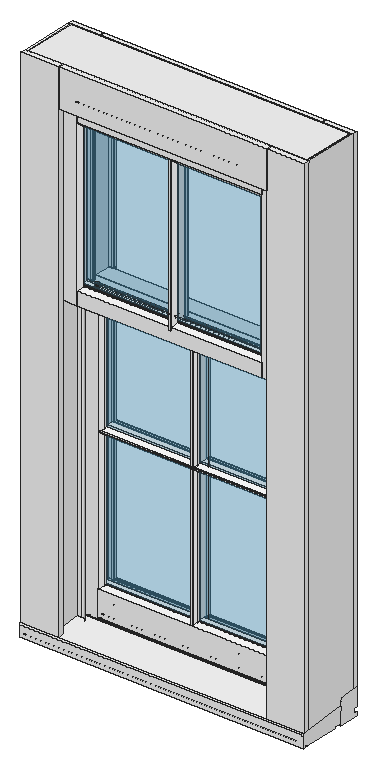
Revit family "B1-24", category Generic Models, Revit 2012 (continued)
Automatic sketch dimensions
  Extrusion 45 sketch curve to Extrusion 45 sketch curve = 1.649 mm
  Extrusion 45 sketch curve to Extrusion 45 sketch curve = 0.306 mm
  Extrusion 45 sketch curve to Extrusion 45 sketch curve = 2.482 mm
  Extrusion 45 sketch curve to Extrusion 45 sketch curve = 0.865 mm
  Extrusion 45 sketch curve to Extrusion 45 sketch curve = 0.036 mm
  Extrusion 45 sketch curve to Extrusion 45 sketch curve = 0.077 mm
  Extrusion 45 sketch curve to Extrusion 45 sketch curve = 1.035 mm
  Extrusion 45 sketch curve to Extrusion 45 sketch curve = 0.774 mm
  Extrusion 45 sketch curve to Extrusion 45 sketch curve = 0.368 mm
  Extrusion 45 sketch curve to Extrusion 45 sketch curve = 0.557 mm
  Extrusion 45 sketch curve to Extrusion 45 sketch curve = 0.18 mm
  Extrusion 45 sketch curve to Extrusion 45 sketch curve = 0.155 mm
  Extrusion 45 sketch curve to Extrusion 45 sketch curve = 0.228 mm
  Extrusion 46 sketch curve to plane 8 = 51.01 mm
  Extrusion 46 sketch curve to Extrusion 46 sketch curve = 0.402 mm
  Extrusion 46 sketch curve to Extrusion 46 sketch curve = 0.389 mm
  Extrusion 46 sketch curve to Extrusion 46 sketch curve = 3.47 mm
  Extrusion 46 sketch curve to Extrusion 46 sketch curve = 0.129 mm  (x2)
  Extrusion 46 sketch curve to Extrusion 46 sketch curve = 0.752 mm
  Extrusion 46 sketch curve to Extrusion 46 sketch curve = 0.163 mm
  Extrusion 46 sketch curve to Extrusion 46 sketch curve = 0.848 mm
  Extrusion 46 sketch curve to Extrusion 46 sketch curve = 0.092 mm
  Extrusion 46 sketch curve to Extrusion 46 sketch curve = 0.227 mm
  Extrusion 46 sketch curve to Extrusion 46 sketch curve = 0.4 mm
  Extrusion 46 sketch curve to Extrusion 46 sketch curve = 0.019 mm
  Extrusion 46 sketch curve to Extrusion 46 sketch curve = 0.794 mm
  Extrusion 46 sketch curve to Extrusion 46 sketch curve = 0.616 mm
  Extrusion 46 sketch curve to Extrusion 46 sketch curve = 0.767 mm
  Extrusion 46 sketch curve to Extrusion 46 sketch curve = 0.79 mm
  Extrusion 46 sketch curve to Extrusion 46 sketch curve = 0.784 mm
  Extrusion 46 sketch curve to Extrusion 46 sketch curve = 0.331 mm  (x2)
  Extrusion 46 sketch curve to plane 1 "Center (Front/Back)" = 42.945 mm
  Extrusion 46 sketch curve to Extrusion 46 sketch curve = 0.032 mm
  Extrusion 46 sketch curve to Extrusion 46 sketch curve = 0.011 mm
  Extrusion 46 sketch curve to Extrusion 46 sketch curve = 0.735 mm
  Extrusion 46 sketch curve to Extrusion 46 sketch curve = 0.552 mm
  Extrusion 46 sketch curve to Extrusion 46 sketch curve = 0.545 mm
  Extrusion 46 sketch curve to Extrusion 46 sketch curve = 0.126 mm
  Extrusion 46 sketch curve to Extrusion 46 sketch curve = 3.982 mm
  Extrusion 46 sketch curve to Extrusion 46 sketch curve = 3.772 mm
  Extrusion 46 sketch curve to Extrusion 46 sketch curve = 0.731 mm
  Extrusion 46 sketch curve to Extrusion 46 sketch curve = 0.088 mm
  Extrusion 46 sketch curve to Extrusion 46 sketch curve = 0.31 mm
  Extrusion 46 sketch curve to Extrusion 46 sketch curve = 0.222 mm
  Extrusion 46 sketch curve to Extrusion 46 sketch curve = 1.707 mm
  plane 7 to Extrusion 50 sketch curve = 16.974 mm
  Extrusion 50 sketch curve to plane 8 = 43.939 mm
  Extrusion 50 sketch curve to Extrusion 50 sketch curve = 5.328 mm
  Extrusion 50 sketch curve to Extrusion 50 sketch curve = 1.303 mm
  Extrusion 51 sketch curve to plane 8 = 43.976 mm
  plane 7 to Extrusion 51 sketch curve = 18.277 mm
  Extrusion 51 sketch curve to Extrusion 51 sketch curve = 2.083 mm
  Extrusion 51 sketch curve to Extrusion 51 sketch curve = 1.235 mm
  Extrusion 51 sketch curve to Extrusion 51 sketch curve = 2.363 mm
  Extrusion 51 sketch curve to Extrusion 51 sketch curve = 4.662 mm
  plane 1 "Center (Front/Back)" to Extrusion 52 sketch curve = 2.034 mm
  Extrusion 52 sketch curve to plane 8 = 42.228 mm
  Extrusion 52 sketch curve to Extrusion 52 sketch curve = 1.26 mm
  Extrusion 52 sketch curve to Extrusion 52 sketch curve = 3.11 mm
  Extrusion 52 sketch curve to Extrusion 52 sketch curve = 0.958 mm
  Extrusion 52 sketch curve to Extrusion 52 sketch curve = 1.305 mm
  Extrusion 53 sketch curve to plane 1 "Center (Front/Back)" = 2.628 mm
  Extrusion 53 sketch curve to plane 8 = 42.114 mm
  plane 1 "Center (Front/Back)" to Extrusion 53 sketch curve = 2.034 mm
  Extrusion 53 sketch curve to Extrusion 53 sketch curve = 2.083 mm
  Extrusion 53 sketch curve to Extrusion 53 sketch curve = 1.235 mm
  Extrusion 53 sketch curve to Extrusion 53 sketch curve = 2.363 mm
  plane 1 "Center (Front/Back)" to Extrusion 54 sketch curve = 1.25 mm  (x2)
  Extrusion 54 sketch curve to plane 8 = 42.921 mm
  Extrusion 54 sketch curve to Extrusion 54 sketch curve = 0.693 mm
  Extrusion 54 sketch curve to Extrusion 54 sketch curve = 0.8 mm  (x2)
  Extrusion 54 sketch curve to Extrusion 54 sketch curve = 1.557 mm
  Extrusion 54 sketch curve to Extrusion 54 sketch curve = 2.435 mm
  Extrusion 54 sketch curve to Extrusion 54 sketch curve = 0.536 mm
  Extrusion 54 sketch curve to Extrusion 54 sketch curve = 0.979 mm
  Extrusion 54 sketch curve to Extrusion 54 sketch curve = 0.786 mm  (x2)
  Extrusion 54 sketch curve to Extrusion 54 sketch curve = 1.303 mm
  Extrusion 54 sketch curve to Extrusion 54 sketch curve = 0.911 mm  (x2)
  Extrusion 54 sketch curve to Extrusion 54 sketch curve = 4 mm
  plane 7 to Extrusion 55 sketch curve = 0 mm
  Extrusion 55 sketch curve to plane 21 = 0 mm
  plane 17 to Extrusion 55 sketch curve = 0.079 mm
  Extrusion 55 sketch curve to Extrusion 55 sketch curve = 15 mm
  Extrusion 56 sketch curve to plane 4 = 0 mm
  Extrusion 56 sketch curve to plane 6 = 0 mm
  Extrusion 56 sketch curve to plane 12 = 0 mm
  Extrusion 56 sketch curve to plane 15 = 0 mm  (x2)
  plane 1 "Center (Front/Back)" to Extrusion 56 sketch curve = 8.25 mm
  Extrusion 56 sketch curve to Extrusion 56 sketch curve = 1.712 mm
  Extrusion 56 sketch curve to Extrusion 56 sketch curve = 0 mm  (x8)
  plane 1 "Center (Front/Back)" to Extrusion 56 sketch curve = 6.25 mm  (x2)
  Extrusion 56 sketch curve to Extrusion 56 sketch curve = 0.836 mm
  Extrusion 56 sketch curve to Extrusion 56 sketch curve = 0.634 mm
  Extrusion 56 sketch curve to Extrusion 56 sketch curve = 0.996 mm  (x6)
  Extrusion 56 sketch curve to Extrusion 56 sketch curve = 0.819 mm
  Extrusion 56 sketch curve to Extrusion 56 sketch curve = 0.456 mm
  plane 1 "Center (Front/Back)" to Extrusion 56 sketch curve = 1.25 mm  (x3)
  plane 15 to Extrusion 56 sketch curve = 7 mm
  Extrusion 56 sketch curve to plane 1 "Center (Front/Back)" = 61.75 mm
  Extrusion 56 sketch curve to Extrusion 56 sketch curve = 4 mm
  plane 12 to Extrusion 56 sketch curve = 4 mm
  plane 12 to Extrusion 56 sketch curve = 5 mm
  Extrusion 56 sketch curve to Extrusion 56 sketch curve = 2.25 mm
  Extrusion 56 sketch curve to Extrusion 56 sketch curve = 0.254 mm
  Extrusion 56 sketch curve to Extrusion 56 sketch curve = 0.508 mm  (x3)
  Extrusion 56 sketch curve to plane 13 = 2 mm
  Extrusion 56 sketch curve to Extrusion 56 sketch curve = 9 mm
  Extrusion 56 sketch curve to Extrusion 56 sketch curve = 8 mm
  Extrusion 56 sketch curve to plane 4 = 6 mm
  plane 6 to Extrusion 57 sketch curve = 0 mm
  plane 17 to Extrusion 57 sketch curve = 0.079 mm
  plane 1 "Center (Front/Back)" to Extrusion 57 sketch curve = 6.25 mm
  plane 21 to Extrusion 57 sketch curve = 18.079 mm
  plane 7 to Extrusion 58 sketch curve = 0 mm
  plane 5 to Extrusion 58 sketch curve = 0.079 mm
  Extrusion 58 sketch curve to plane 8 = 48.921 mm
  plane 7 to Extrusion 58 sketch curve = 15 mm
  Extrusion 59 sketch curve to plane 6 = 0 mm
  plane 5 to Extrusion 59 sketch curve = 0.079 mm
  plane 1 "Center (Front/Back)" to Extrusion 59 sketch curve = 6.25 mm
  Extrusion 59 sketch curve to plane 8 = 30.921 mm
  Extrusion 60 sketch curve to plane 4 = 0 mm
  Extrusion 60 sketch curve to plane 16 = 0 mm
  plane 1 "Center (Front/Back)" to Extrusion 60 sketch curve = 6.25 mm
  Extrusion 60 sketch curve to plane 16 = 4.175 mm
  plane 7 to Extrusion 60 sketch curve = 54.25 mm
  plane 7 to Extrusion 60 sketch curve = 20.25 mm
  plane 7 to Extrusion 60 sketch curve = 15 mm
  Extrusion 60 sketch curve to Extrusion 60 sketch curve = 4.913 mm  (x2)
  Extrusion 60 sketch curve to Extrusion 60 sketch curve = 3 mm
  plane 14 to Extrusion 60 sketch curve = 2.138 mm
  Extrusion 61 sketch curve to plane 4 = 0 mm
  plane 1 "Center (Front/Back)" to Extrusion 61 sketch curve = 6.25 mm
  Extrusion 61 sketch curve to plane 4 = 6 mm
  plane 7 to Extrusion 61 sketch curve = 15 mm
  Sweep 62 sketch curve to plane 16 = 0 mm
  Sweep 62 sketch curve to plane 8 = 48.921 mm
  profile plane to Sweep 62 sketch curve = 0 mm
  Sweep 62 sketch curve to Sweep 62 sketch curve = 3 mm
  Sweep 62 sketch curve to Sweep 62 sketch curve = 6 mm
  Sweep 62 sketch curve to profile plane = 176.75 mm
  Sweep 62 sketch curve to Sweep 62 sketch curve = 14 mm
  Extrusion 63 sketch curve to plane 15 = 0 mm
  Extrusion 63 sketch curve to plane 4 = 0 mm
  Extrusion 63 sketch curve to plane 7 = 0 mm
  plane 7 to Extrusion 63 sketch curve = 15 mm  (x2)
  Extrusion 63 sketch curve to Extrusion 63 sketch curve = 5 mm  (x2)
  plane 15 to Extrusion 63 sketch curve = 9 mm
  Extrusion 63 sketch curve to Extrusion 63 sketch curve = 8 mm
  Extrusion 63 sketch curve to plane 4 = 6 mm
  plane 7 to Extrusion 64 sketch curve = 20 mm
  plane 5 to Extrusion 64 sketch curve = 56.079 mm
  Extrusion 64 sketch curve to Extrusion 64 sketch curve = 9 mm  (x3)
  plane 1 "Center (Front/Back)" to Extrusion 64 sketch curve = 1.25 mm  (x2)
  Extrusion 64 sketch curve to Extrusion 64 sketch curve = 8 mm  (x2)
  plane 1 "Center (Front/Back)" to Extrusion 64 sketch curve = 6.25 mm
  Extrusion 64 sketch curve to Extrusion 64 sketch curve = 0 mm
  Extrusion 64 sketch curve to Extrusion 64 sketch curve = 5 mm
  Extrusion 65 sketch curve to plane 8 = 4.922 mm
  plane 8 to Extrusion 65 sketch curve = 0.078 mm
  plane 8 to Extrusion 65 sketch curve = 7.078 mm
  Extrusion 65 sketch curve to Extrusion 65 sketch curve = 1 mm  (x2)
  Extrusion 65 sketch curve to Extrusion 65 sketch curve = 3 mm  (x3)
  plane 7 to Extrusion 65 sketch curve = 43.25 mm
  Extrusion 65 sketch curve to Extrusion 65 sketch curve = 4 mm
  Extrusion 66 sketch curve to plane 8 = 44.922 mm
  Extrusion 66 sketch curve to Extrusion 66 sketch curve = 0 mm  (x2)
  Extrusion 66 sketch curve to Extrusion 66 sketch curve = 3 mm  (x3)
  Extrusion 66 sketch curve to Extrusion 66 sketch curve = 6 mm  (x2)
  Extrusion 66 sketch curve to plane 8 = 4.922 mm
  Extrusion 66 sketch curve to plane 1 "Center (Front/Back)" = 71.5 mm
  Extrusion 66 sketch curve to Extrusion 66 sketch curve = 5 mm
  Extrusion 66 sketch curve to Extrusion 66 sketch curve = 13 mm
  Extrusion 66 sketch curve to Extrusion 66 sketch curve = 12 mm
  Extrusion 66 sketch curve to Extrusion 66 sketch curve = 21 mm
  plane 7 to Extrusion 67 sketch curve = 42.039 mm
  Extrusion 67 sketch curve to plane 11 = 342.285 mm
  plane 7 to Extrusion 67 sketch curve = 71.128 mm
  Extrusion 67 sketch curve to Extrusion 67 sketch curve = 0 mm  (x2)
  Extrusion 67 sketch curve to Extrusion 67 sketch curve = 2 mm  (x5)
  Extrusion 67 sketch curve to Extrusion 67 sketch curve = 7.449 mm
  Extrusion 67 sketch curve to Extrusion 67 sketch curve = 5.5 mm
  Extrusion 67 sketch curve to Extrusion 67 sketch curve = 7.036 mm  (x2)
  Extrusion 67 sketch curve to Extrusion 67 sketch curve = 1.928 mm
  Extrusion 67 sketch curve to plane 1 "Center (Front/Back)" = 73.468 mm
  Extrusion 67 sketch curve to Extrusion 67 sketch curve = 5 mm  (x2)
  Extrusion 67 sketch curve to Extrusion 67 sketch curve = 7.551 mm
  Extrusion 67 sketch curve to Extrusion 67 sketch curve = 2.8 mm
  Extrusion 67 sketch curve to Extrusion 67 sketch curve = 6 mm  (x2)
  Extrusion 67 sketch curve to Extrusion 67 sketch curve = 1.693 mm
  Extrusion 67 sketch curve to Extrusion 67 sketch curve = 2.5 mm  (x2)
  plane 7 to Extrusion 68 sketch curve = 62.035 mm
  Extrusion 68 sketch curve to plane 11 = 342.285 mm
  Extrusion 68 sketch curve to Extrusion 68 sketch curve = 20 mm
  Extrusion 68 sketch curve to Extrusion 68 sketch curve = 16 mm
  plane 17 to Extrusion 69 sketch curve = 7.079 mm
  plane 17 to Extrusion 69 sketch curve = 8.579 mm  (x2)
  plane 17 to Extrusion 69 sketch curve = 31.079 mm  (x2)
  Extrusion 69 sketch curve to plane 21 = 28.421 mm  (x2)
  Extrusion 69 sketch curve to plane 1 "Center (Front/Back)" = 7.75 mm
  Extrusion 69 sketch curve to Extrusion 69 sketch curve = 1.5 mm
  Extrusion 69 sketch curve to plane 21 = 6.921 mm
  plane 21 to Extrusion 69 sketch curve = 0.079 mm
  Extrusion 69 sketch curve to Extrusion 69 sketch curve = 14 mm
  Extrusion 69 sketch curve to plane 1 "Center (Front/Back)" = 30.25 mm
  Extrusion 69 sketch curve to Extrusion 69 sketch curve = 22.5 mm  (x2)
  Extrusion 69 sketch curve to Extrusion 69 sketch curve = 9 mm
  Extrusion 69 sketch curve to Extrusion 69 sketch curve = 11.5 mm  (x2)
  Extrusion 69 sketch curve to Extrusion 69 sketch curve = 4 mm
  Extrusion 69 sketch curve to Extrusion 69 sketch curve = 3 mm
  plane 7 to Extrusion 69 sketch curve = 29 mm
  plane 17 to Extrusion 70 sketch curve = 34.062 mm  (x2)
  Extrusion 70 sketch curve to plane 21 = 2.938 mm  (x4)
  plane 21 to Extrusion 70 sketch curve = 0.062 mm  (x2)
  plane 7 to Extrusion 70 sketch curve = 37.812 mm
  Extrusion 70 sketch curve to Extrusion 70 sketch curve = 6.5 mm  (x3)
  Extrusion 70 sketch curve to Extrusion 70 sketch curve = 16 mm  (x2)
  Extrusion 70 sketch curve to Extrusion 70 sketch curve = 42 mm
  Extrusion 70 sketch curve to plane 1 "Center (Front/Back)" = 37.437 mm
  plane 21 to Extrusion 71 sketch curve = 4.078 mm  (x2)
  Extrusion 71 sketch curve to Extrusion 71 sketch curve = 0 mm
  Extrusion 71 sketch curve to Extrusion 71 sketch curve = 3 mm  (x3)
  Extrusion 71 sketch curve to Extrusion 71 sketch curve = 6 mm  (x2)
  plane 22 to Extrusion 71 sketch curve = 4.922 mm
  Extrusion 71 sketch curve to plane 22 = 1.078 mm
  Extrusion 71 sketch curve to plane 22 = 11.078 mm
  plane 7 to Extrusion 71 sketch curve = 21.25 mm
  Extrusion 71 sketch curve to Extrusion 71 sketch curve = 21 mm
  Extrusion 71 sketch curve to Extrusion 71 sketch curve = 12 mm  (x2)
  Extrusion 71 sketch curve to Extrusion 71 sketch curve = 13 mm
  Extrusion 71 sketch curve to Extrusion 71 sketch curve = 2 mm
  Extrusion 71 sketch curve to Extrusion 71 sketch curve = 5 mm
  plane 22 to Extrusion 72 sketch curve = 4.922 mm
  Extrusion 72 sketch curve to plane 22 = 0.078 mm
  Extrusion 72 sketch curve to plane 22 = 7.078 mm
  Extrusion 72 sketch curve to Extrusion 72 sketch curve = 1 mm  (x2)
  Extrusion 72 sketch curve to Extrusion 72 sketch curve = 3 mm  (x2)
  plane 7 to Extrusion 72 sketch curve = 24.25 mm
  Extrusion 72 sketch curve to Extrusion 72 sketch curve = 4 mm
  Extrusion 72 sketch curve to Extrusion 72 sketch curve = 8 mm
  plane 21 to Extrusion 73 sketch curve = 4.079 mm  (x2)
  Extrusion 73 sketch curve to Extrusion 73 sketch curve = 0 mm
  plane 1 "Center (Front/Back)" to Extrusion 73 sketch curve = 0 mm
  Extrusion 73 sketch curve to Extrusion 73 sketch curve = 3 mm  (x4)
  Extrusion 73 sketch curve to Extrusion 73 sketch curve = 6 mm
  plane 22 to Extrusion 73 sketch curve = 4.921 mm
  Extrusion 73 sketch curve to plane 22 = 1.079 mm
  Extrusion 73 sketch curve to plane 22 = 11.079 mm
  Extrusion 73 sketch curve to plane 1 "Center (Front/Back)" = 10 mm
  Extrusion 73 sketch curve to Extrusion 73 sketch curve = 2 mm
  Extrusion 73 sketch curve to Extrusion 73 sketch curve = 21 mm
  Extrusion 73 sketch curve to Extrusion 73 sketch curve = 12 mm
  Extrusion 73 sketch curve to Extrusion 73 sketch curve = 13 mm
  Extrusion 73 sketch curve to Extrusion 73 sketch curve = 5 mm
  Extrusion 75 sketch curve to plane 21 = 2.01 mm
  Extrusion 75 sketch curve to Extrusion 75 sketch curve = 0.361 mm
  Extrusion 75 sketch curve to Extrusion 75 sketch curve = 0.331 mm  (x3)
  Extrusion 75 sketch curve to Extrusion 75 sketch curve = 0.529 mm
  plane 21 to Extrusion 75 sketch curve = 1.893 mm
  Extrusion 75 sketch curve to Extrusion 75 sketch curve = 0.359 mm
  Extrusion 75 sketch curve to Extrusion 75 sketch curve = 0.129 mm  (x2)
  Extrusion 75 sketch curve to Extrusion 75 sketch curve = 0.752 mm
  Extrusion 75 sketch curve to Extrusion 75 sketch curve = 0.163 mm
  plane 21 to Extrusion 75 sketch curve = 3.228 mm
  Extrusion 75 sketch curve to Extrusion 75 sketch curve = 0.097 mm
  Extrusion 75 sketch curve to Extrusion 75 sketch curve = 0.227 mm
  Extrusion 75 sketch curve to Extrusion 75 sketch curve = 0.367 mm
  Extrusion 75 sketch curve to Extrusion 75 sketch curve = 0.604 mm
  Extrusion 75 sketch curve to Extrusion 75 sketch curve = 0.911 mm
  Extrusion 75 sketch curve to Extrusion 75 sketch curve = 0.79 mm  (x2)
  Extrusion 75 sketch curve to Extrusion 75 sketch curve = 1.387 mm
  Extrusion 75 sketch curve to Extrusion 75 sketch curve = 0.62 mm
  Extrusion 75 sketch curve to Extrusion 75 sketch curve = 0.185 mm
  Extrusion 75 sketch curve to Extrusion 75 sketch curve = 0.733 mm
  plane 7 to Extrusion 75 sketch curve = 64.201 mm
  Extrusion 75 sketch curve to Extrusion 75 sketch curve = 0.044 mm
  Extrusion 75 sketch curve to Extrusion 75 sketch curve = 0.155 mm
  Extrusion 75 sketch curve to Extrusion 75 sketch curve = 1.178 mm
  Extrusion 75 sketch curve to Extrusion 75 sketch curve = 0.18 mm
  Extrusion 75 sketch curve to Extrusion 75 sketch curve = 0.545 mm
  Extrusion 75 sketch curve to Extrusion 75 sketch curve = 0.126 mm
  Extrusion 75 sketch curve to Extrusion 75 sketch curve = 3.329 mm
  Extrusion 75 sketch curve to Extrusion 75 sketch curve = 0.782 mm
  Extrusion 75 sketch curve to Extrusion 75 sketch curve = 0.443 mm
  Extrusion 75 sketch curve to Extrusion 75 sketch curve = 0.342 mm
  Extrusion 75 sketch curve to Extrusion 75 sketch curve = 0.534 mm
  Extrusion 75 sketch curve to Extrusion 75 sketch curve = 0.024 mm
  Extrusion 75 sketch curve to Extrusion 75 sketch curve = 1.649 mm
  Extrusion 75 sketch curve to Extrusion 75 sketch curve = 0.066 mm
  Extrusion 76 sketch curve to plane 21 = 2.01 mm
  Extrusion 76 sketch curve to Extrusion 76 sketch curve = 0.402 mm
  Extrusion 76 sketch curve to Extrusion 76 sketch curve = 0.389 mm
  plane 21 to Extrusion 76 sketch curve = 2.251 mm
  Extrusion 76 sketch curve to Extrusion 76 sketch curve = 0.129 mm  (x2)
  Extrusion 76 sketch curve to Extrusion 76 sketch curve = 0.752 mm
  Extrusion 76 sketch curve to Extrusion 76 sketch curve = 0.163 mm
  plane 21 to Extrusion 76 sketch curve = 3.228 mm
  Extrusion 76 sketch curve to Extrusion 76 sketch curve = 0.092 mm
  Extrusion 76 sketch curve to Extrusion 76 sketch curve = 0.227 mm
  Extrusion 76 sketch curve to Extrusion 76 sketch curve = 0.4 mm
  Extrusion 76 sketch curve to Extrusion 76 sketch curve = 0.019 mm
  Extrusion 76 sketch curve to Extrusion 76 sketch curve = 0.794 mm
  Extrusion 76 sketch curve to Extrusion 76 sketch curve = 0.616 mm
  Extrusion 76 sketch curve to Extrusion 76 sketch curve = 0.767 mm
  Extrusion 76 sketch curve to Extrusion 76 sketch curve = 0.79 mm
  Extrusion 76 sketch curve to Extrusion 76 sketch curve = 0.784 mm
  Extrusion 76 sketch curve to Extrusion 76 sketch curve = 0.331 mm  (x2)
  Extrusion 76 sketch curve to plane 1 "Center (Front/Back)" = 52.39 mm
  Extrusion 76 sketch curve to Extrusion 76 sketch curve = 1.707 mm
  Extrusion 76 sketch curve to Extrusion 76 sketch curve = 0.222 mm
  Extrusion 76 sketch curve to Extrusion 76 sketch curve = 0.555 mm
  Extrusion 76 sketch curve to Extrusion 76 sketch curve = 0.865 mm
  Extrusion 76 sketch curve to Extrusion 76 sketch curve = 0.036 mm
  Extrusion 76 sketch curve to Extrusion 76 sketch curve = 0.731 mm
  Extrusion 76 sketch curve to Extrusion 76 sketch curve = 0.077 mm
  Extrusion 76 sketch curve to Extrusion 76 sketch curve = 0.522 mm
  Extrusion 76 sketch curve to Extrusion 76 sketch curve = 0.368 mm
  Extrusion 76 sketch curve to Extrusion 76 sketch curve = 0.552 mm
  Extrusion 76 sketch curve to Extrusion 76 sketch curve = 0.735 mm
  Extrusion 76 sketch curve to Extrusion 76 sketch curve = 0.072 mm
  Extrusion 76 sketch curve to Extrusion 76 sketch curve = 0.083 mm
  plane 21 to Extrusion 77 sketch curve = 5.061 mm
  Extrusion 77 sketch curve to Extrusion 77 sketch curve = 5.328 mm
  plane 7 to Extrusion 77 sketch curve = 16.974 mm
  Extrusion 77 sketch curve to Extrusion 77 sketch curve = 1.303 mm
  plane 21 to Extrusion 78 sketch curve = 5.024 mm
  Extrusion 78 sketch curve to Extrusion 78 sketch curve = 2.083 mm
  Extrusion 78 sketch curve to Extrusion 78 sketch curve = 1.235 mm
  Extrusion 78 sketch curve to Extrusion 78 sketch curve = 2.363 mm
  plane 7 to Extrusion 78 sketch curve = 18.277 mm
  Extrusion 78 sketch curve to Extrusion 78 sketch curve = 4.662 mm
  plane 1 "Center (Front/Back)" to Extrusion 79 sketch curve = 2.034 mm
  plane 21 to Extrusion 79 sketch curve = 6.772 mm
  Extrusion 79 sketch curve to Extrusion 79 sketch curve = 1.26 mm
  Extrusion 79 sketch curve to Extrusion 79 sketch curve = 3.11 mm
  Extrusion 79 sketch curve to Extrusion 79 sketch curve = 0.958 mm
  Extrusion 79 sketch curve to Extrusion 79 sketch curve = 1.305 mm
  Extrusion 80 sketch curve to plane 1 "Center (Front/Back)" = 2.628 mm
  plane 21 to Extrusion 80 sketch curve = 6.886 mm
  plane 1 "Center (Front/Back)" to Extrusion 80 sketch curve = 2.034 mm
  Extrusion 80 sketch curve to Extrusion 80 sketch curve = 2.083 mm
  Extrusion 80 sketch curve to Extrusion 80 sketch curve = 1.235 mm
  Extrusion 80 sketch curve to Extrusion 80 sketch curve = 2.363 mm
  plane 1 "Center (Front/Back)" to Extrusion 81 sketch curve = 1.25 mm  (x2)
  plane 21 to Extrusion 81 sketch curve = 6.079 mm
  Extrusion 81 sketch curve to Extrusion 81 sketch curve = 0.693 mm
  Extrusion 81 sketch curve to Extrusion 81 sketch curve = 0.8 mm  (x2)
  Extrusion 81 sketch curve to Extrusion 81 sketch curve = 1.557 mm
  Extrusion 81 sketch curve to Extrusion 81 sketch curve = 2.435 mm
  Extrusion 81 sketch curve to Extrusion 81 sketch curve = 0.536 mm
  Extrusion 81 sketch curve to Extrusion 81 sketch curve = 0.979 mm
  Extrusion 81 sketch curve to Extrusion 81 sketch curve = 0.786 mm  (x2)
  Extrusion 81 sketch curve to Extrusion 81 sketch curve = 1.303 mm
  Extrusion 81 sketch curve to Extrusion 81 sketch curve = 0.911 mm  (x2)
  Extrusion 81 sketch curve to Extrusion 81 sketch curve = 4 mm
  plane 7 to Extrusion 82 sketch curve = 0 mm
  plane 17 to Extrusion 82 sketch curve = 0.079 mm
  plane 21 to Extrusion 82 sketch curve = 0.079 mm
  plane 7 to Extrusion 82 sketch curve = 15 mm
  plane 6 to Extrusion 83 sketch curve = 0 mm
  plane 17 to Extrusion 83 sketch curve = 0.079 mm
  plane 1 "Center (Front/Back)" to Extrusion 83 sketch curve = 6.25 mm
  plane 21 to Extrusion 83 sketch curve = 18.079 mm
  Extrusion 84 sketch curve to plane 4 = 0 mm
  Extrusion 84 sketch curve to plane 16 = 0 mm
  plane 1 "Center (Front/Back)" to Extrusion 84 sketch curve = 6.25 mm
  Extrusion 84 sketch curve to plane 16 = 4.175 mm
  plane 7 to Extrusion 84 sketch curve = 54.25 mm
  plane 7 to Extrusion 84 sketch curve = 20.25 mm
  plane 7 to Extrusion 84 sketch curve = 15 mm
  Extrusion 84 sketch curve to Extrusion 84 sketch curve = 4.913 mm  (x2)
  Extrusion 84 sketch curve to Extrusion 84 sketch curve = 3 mm
  plane 14 to Extrusion 84 sketch curve = 2.138 mm
  Extrusion 85 sketch curve to plane 21 = 25.921 mm
  Extrusion 85 sketch curve to Extrusion 85 sketch curve = 9 mm  (x2)
  plane 1 "Center (Front/Back)" to Extrusion 85 sketch curve = 1.25 mm  (x2)
  Extrusion 85 sketch curve to Extrusion 85 sketch curve = 8 mm  (x2)
  plane 21 to Extrusion 85 sketch curve = 0.079 mm
  plane 7 to Extrusion 85 sketch curve = 20 mm
  Extrusion 85 sketch curve to Extrusion 85 sketch curve = 0 mm
  Extrusion 85 sketch curve to Extrusion 85 sketch curve = 5 mm  (x2)
  plane 22 to Extrusion 86 sketch curve = 4.922 mm
  Extrusion 86 sketch curve to plane 22 = 0.078 mm
  Extrusion 86 sketch curve to plane 22 = 7.078 mm
  Extrusion 86 sketch curve to Extrusion 86 sketch curve = 1 mm  (x2)
  Extrusion 86 sketch curve to Extrusion 86 sketch curve = 3 mm  (x2)
  plane 7 to Extrusion 86 sketch curve = 24.25 mm
  Extrusion 86 sketch curve to Extrusion 86 sketch curve = 4 mm
  Extrusion 86 sketch curve to Extrusion 86 sketch curve = 8 mm
  plane 21 to Extrusion 87 sketch curve = 4.078 mm  (x3)
  Extrusion 87 sketch curve to Extrusion 87 sketch curve = 3 mm  (x3)
  Extrusion 87 sketch curve to Extrusion 87 sketch curve = 6 mm  (x2)
  plane 22 to Extrusion 87 sketch curve = 4.922 mm
  plane 7 to Extrusion 87 sketch curve = 21.25 mm
  Extrusion 87 sketch curve to Extrusion 87 sketch curve = 21 mm
  Extrusion 87 sketch curve to Extrusion 87 sketch curve = 12 mm
  Extrusion 87 sketch curve to Extrusion 87 sketch curve = 13 mm
  Extrusion 87 sketch curve to Extrusion 87 sketch curve = 5 mm
  plane 18 to Extrusion 90 sketch curve = 10 mm
  Extrusion 90 sketch curve to plane 18 = 10 mm
  plane 7 to Extrusion 90 sketch curve = 61.953 mm
  Extrusion 90 sketch curve to Extrusion 90 sketch curve = 16 mm
  Extrusion 2 sketch curve to plane 10 = 0 mm
  Extrusion 2 sketch curve to plane 10 = 2.602 mm
  Extrusion 2 sketch curve to plane 1 "Center (Front/Back)" = 38 mm
  Extrusion 2 sketch curve to Extrusion 2 sketch curve = 3 mm
  plane 10 to Extrusion 2 sketch curve = 1.398 mm
  Extrusion 2 sketch curve to Extrusion 2 sketch curve = 1 mm  (x3)
  Extrusion 2 sketch curve to Extrusion 2 sketch curve = 22 mm
  Extrusion 2 sketch curve to Extrusion 2 sketch curve = 18 mm
  Extrusion 2 sketch curve to Extrusion 2 sketch curve = 4 mm  (x2)
  plane 11 to Extrusion 2 sketch curve = 16.398 mm
  Extrusion 2 sketch curve to Extrusion 2 sketch curve = 5 mm
  Extrusion 2 sketch curve to Extrusion 2 sketch curve = 0.423 mm
  Extrusion 2 sketch curve to Extrusion 2 sketch curve = 0.817 mm
  Extrusion 2 sketch curve to plane 10 = 13.602 mm
  Extrusion 2 sketch curve to Extrusion 2 sketch curve = 6 mm
  Extrusion 2 sketch curve to Extrusion 2 sketch curve = 0.597 mm  (x2)
  plane 11 to Extrusion 2 sketch curve = 6.398 mm
  Extrusion 2 sketch curve to Extrusion 2 sketch curve = 7 mm
  Extrusion 2 sketch curve to Extrusion 2 sketch curve = 2.563 mm
  Extrusion 2 sketch curve to Extrusion 2 sketch curve = 0.485 mm
  Extrusion 2 sketch curve to Extrusion 2 sketch curve = 1.127 mm
  Extrusion 2 sketch curve to Extrusion 2 sketch curve = 1.388 mm
  plane 11 to Extrusion 2 sketch curve = 1.398 mm  (x2)
  Extrusion 2 sketch curve to Extrusion 2 sketch curve = 2.952 mm
  Extrusion 2 sketch curve to Extrusion 2 sketch curve = 4.548 mm
  Extrusion 2 sketch curve to Extrusion 2 sketch curve = 1.673 mm
  Extrusion 2 sketch curve to Extrusion 2 sketch curve = 12 mm
  Extrusion 2 sketch curve to Extrusion 2 sketch curve = 26.5 mm
  Extrusion 2 sketch curve to Extrusion 2 sketch curve = 2.815 mm
  Extrusion 2 sketch curve to Extrusion 2 sketch curve = 0.678 mm
  Extrusion 2 sketch curve to Extrusion 2 sketch curve = 1.861 mm
  Extrusion 2 sketch curve to Extrusion 2 sketch curve = 1.13 mm
  plane 11 to Extrusion 2 sketch curve = 17.398 mm
  Extrusion 2 sketch curve to Extrusion 2 sketch curve = 1.267 mm
  Extrusion 2 sketch curve to Extrusion 2 sketch curve = 0.839 mm
  Extrusion 2 sketch curve to Extrusion 2 sketch curve = 0.618 mm
  Extrusion 2 sketch curve to plane 10 = 3.602 mm
  radius of Extrusion 37 sketch curve = 3.5 mm  (x2)
  radius of Extrusion 69 sketch curve = 3.5 mm  (x2)
Types (3, lengths in mm): name | Width | Height | GlazingPanelMaterial | Floor Material
  Window Sill drawing | 757 | 1397 | Glass | White
  Access Manager | 1250 | 1250 | none | none
  window family | 757 | 1397 | Glass | 1.12A ANCHOR FIXING
